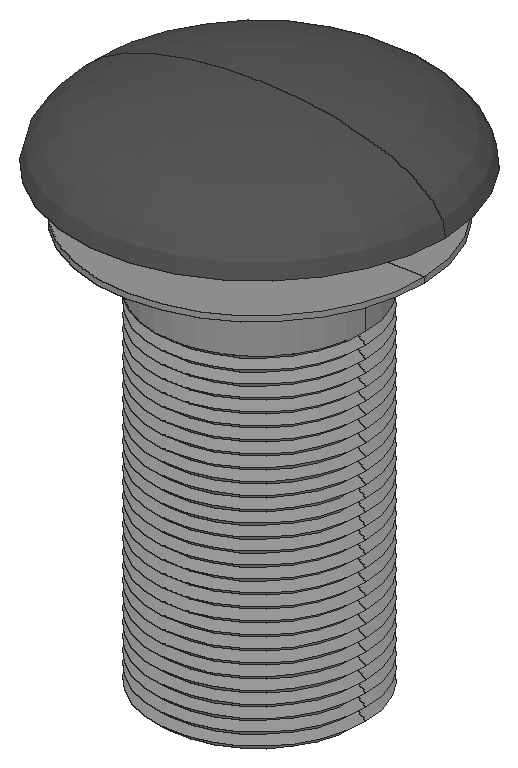
Revit family "BUILDMAT-POPNEROM-32MM_Pop_Up_Waste-Nero_Marquina", category Plumbing Fixtures, Revit 2026
Family settings
  Round Connector Dimension = Use Diameter
  Part Type = Normal
  Work Plane-Based = Yes
  Enable Cutting in Views = Yes
  Always vertical = Yes
  Cut with Voids When Loaded = Yes
  Maintain Annotation Orientation = No
  Shared = No
  Room Calculation Point = No
Parameters
  Width = 70 mm
  PopUp_Material = BM_NERO MARQUINA
  MainBody_Material = BM_STAINLESS STEEL
  Lock_Material = BM_BRASS GOLD
  Depth = 70 mm
  Default Elevation = 1219.2 mm
Reference planes
  plane 1 "Center (Front/Back)": y = 0
  plane 2: z = 0
  plane 3 "Center (Left/Right)": x = 0
  plane 4: z = 1
  plane 5: z = -5
  plane 6: z = -12
  plane 7: z = -78.68
  plane 8: z = 6
  plane 9: z = 9
  plane 10: z = 22.977
  plane 11: x = 35
  plane 12: x = -35
  plane 13: y = 35
  plane 14: y = -35
Forms (mm)
  Revolve 1, solid, material "BM_STAINLESS STEEL" <- "MainBody_Material"
    sketch origin (0, 0, -0.397) x (1, 0, 0) y (0, 0, 1)
      loop
        line (0, 1.248) -> (0, -11.603) -> (-20.005, -11.603) -> (-20.005, -3.848)
        arc (-20.005, -3.848) -> (-20.487, -2.811) -> (-21.458, -2.207) r 2
        line (-21.458, -2.207) -> (-31.017, 0.397) -> (-31.017, 1.397) -> (0, 1.397)
      axis (0, 1.397) -> (0, -11.603)
    angle from 0 to 360
  Revolve 2, solid, material "BM_STAINLESS STEEL" <- "MainBody_Material"
    sketch origin (0, 0, -4.369) x (1, 0, 0) y (0, 0, 1)
      loop
        line (0, -7.631) -> (-19.969, -7.631) -> (-18.48, -8.794) -> (-19.975, -9.962) -> (-18.48, -11.131) -> (-19.975, -12.299) -> (-18.48, -13.467) -> (-19.975, -14.635) -> (-18.48, -15.803) -> (-19.975, -16.971) -> (-18.48, -18.139) -> (-19.975, -19.308) -> (-18.48, -20.476) -> (-19.975, -21.644) -> (-18.48, -22.812) -> (-19.975, -23.98) -> (-18.48, -25.148) -> (-19.975, -26.316) -> (-18.48, -27.485) -> (-19.975, -28.653) -> (-18.48, -29.821) -> (-19.975, -30.989) -> (-18.48, -32.157) -> (-19.975, -33.325) -> (-18.48, -34.493) -> (-19.975, -35.662) -> (-18.48, -36.83) -> (-19.975, -37.998) -> (-18.48, -39.166) -> (-19.975, -40.334) -> (-18.48, -41.502) -> (-19.975, -42.67) -> (-18.48, -43.839) -> (-19.975, -45.007) -> (-18.48, -46.175) -> (-19.975, -47.343) -> (-18.48, -48.511) -> (-19.975, -49.679) -> (-18.48, -50.847) -> (-19.975, -52.016) -> (-18.48, -53.184) -> (-19.975, -54.352) -> (-18.48, -55.52) -> (-19.975, -56.688) -> (-18.48, -57.856) -> (-19.975, -59.024) -> (-18.48, -60.193) -> (-19.975, -61.361) -> (-18.48, -62.529) -> (-19.975, -63.697) -> (-18.48, -64.865) -> (-19.975, -66.033) -> (-18.48, -67.201) -> (-19.975, -68.369) -> (-18.48, -69.538) -> (-19.975, -70.706) -> (-18.48, -71.874) -> (-19.975, -73.042) -> (-18.351, -74.311) -> (0, -74.311) -> (0, -7.631)
      axis (0, -7.631) -> (0, -74.311)
    angle from 0 to 360
  Extrusion 3, solid, material "BM_BRASS GOLD" <- "Lock_Material"
    sketch origin (0, 0, 0) x (1, 0, 0) y (0, 1, 0)
      loop
        circle (0, 0) r 14.5
    from 1 to 6
  Revolve 4, solid, material "BM_NERO MARQUINA" <- "PopUp_Material"
    sketch origin (0, 0, 8.488) x (1, 0, 0) y (0, 0, 1)
      loop
        arc (-19.017, 0.512) -> (-18.008, -0.858) -> (-17.517, -2.488) r 5
        line (-17.517, -2.488) -> (0, -2.488) -> (0, 0.512) -> (0, 14.512)
        spline (0, 14.512) -> (-4.569, 14.392) -> (-9.06, 14.034) -> (-13.395, 13.445) -> (-17.501, 12.635) -> (-21.308, 11.617) -> (-24.75, 10.41) -> (-27.768, 9.033) -> (-30.311, 7.51) -> (-32.336, 5.868) -> (-33.808, 4.135) -> (-34.701, 2.339) -> (-35, 0.512)
        line (-35, 0.512) -> (-19.017, 0.512)
      axis (0, 14.512) -> (0, -2.488)
    angle from 0 to 360
Text (mm)
  text "Refer to www.buildmat.com.au for the most current product literature. \nAllow a +/- 5mm tolerance for dimensions shown in the product literature. \nPlease note product details are subject to change due to ongoing product development." at (-1.255, -131.559, 0), in view "Ref. Level"
Dimensions and locks
  plane 4 to plane 7 = 79.68 mm
  "Depth": plane 13 to plane 14
  equal spacing: plane 13, plane 1 "Center (Front/Back)", plane 14
  "Width": plane 12 to plane 11
  equal spacing: plane 12, plane 3 "Center (Left/Right)", plane 11
  aligned and locked: level to plane 2
Automatic sketch dimensions
  Revolve 1 sketch curve to level = 0 mm
  Revolve 1 sketch curve to plane 4 = 0 mm
  Revolve 1 sketch curve to plane 6 = 0 mm  (x2)
  Revolve 1 sketch curve to plane 3 "Center (Left/Right)" = 0 mm  (x3)
  plane 5 to Revolve 1 sketch curve = 0.755 mm
  plane 12 to Revolve 1 sketch curve = 14.995 mm
  plane 5 to Revolve 1 sketch curve = 2.396 mm
  Revolve 1 sketch curve to Revolve 1 sketch curve = 1.453 mm
  plane 5 to Revolve 1 sketch curve = 0.466 mm
  plane 12 to Revolve 1 sketch curve = 3.983 mm
  Revolve 1 sketch curve to Revolve 1 sketch curve = 0.149 mm
  plane 4 to Revolve 1 sketch curve = 0.245 mm
  Revolve 2 sketch curve to plane 6 = 0 mm
  Revolve 2 sketch curve to plane 7 = 0 mm
  Revolve 2 sketch curve to plane 3 "Center (Left/Right)" = 0 mm  (x2)
  plane 12 to Revolve 2 sketch curve = 16.649 mm
  plane 12 to Revolve 2 sketch curve = 16.52 mm
  Revolve 2 sketch curve to Revolve 2 sketch curve = 0.129 mm
  Revolve 2 sketch curve to Revolve 2 sketch curve = 0 mm  (x26)
  plane 7 to Revolve 2 sketch curve = 7.11 mm
  plane 7 to Revolve 2 sketch curve = 4.773 mm
  plane 7 to Revolve 2 sketch curve = 2.437 mm
  Revolve 2 sketch curve to plane 6 = 1.163 mm
  Revolve 2 sketch curve to plane 6 = 3.499 mm
  Revolve 2 sketch curve to plane 6 = 5.836 mm
  Revolve 2 sketch curve to plane 6 = 8.172 mm
  Revolve 2 sketch curve to Revolve 2 sketch curve = 1.489 mm
  Revolve 2 sketch curve to Revolve 2 sketch curve = 1.495 mm  (x28)
  Revolve 2 sketch curve to plane 6 = 7.004 mm
  Revolve 2 sketch curve to plane 6 = 4.667 mm
  Revolve 2 sketch curve to plane 6 = 2.331 mm
  plane 7 to Revolve 2 sketch curve = 3.605 mm
  plane 7 to Revolve 2 sketch curve = 5.941 mm
  plane 7 to Revolve 2 sketch curve = 1.269 mm
  Revolve 2 sketch curve to Revolve 2 sketch curve = 1.168 mm  (x43)
  Revolve 2 sketch curve to Revolve 2 sketch curve = 0.1 mm
  Revolve 2 sketch curve to Revolve 2 sketch curve = 0.211 mm
  plane 1 "Center (Front/Back)" to Extrusion 3 sketch curve = 0 mm
  Extrusion 3 sketch curve to plane 3 "Center (Left/Right)" = 0 mm
  Revolve 4 sketch curve to plane 9 = 0 mm  (x2)
  Revolve 4 sketch curve to plane 12 = 0 mm
  Revolve 4 sketch curve to plane 8 = 0 mm
  Revolve 4 sketch curve to plane 3 "Center (Left/Right)" = 0 mm  (x2)
  Revolve 4 sketch curve to plane 8 = 0.607 mm
  plane 12 to Revolve 4 sketch curve = 12.52 mm
  Revolve 4 sketch curve to Revolve 4 sketch curve = 3.463 mm
  plane 10 to Revolve 4 sketch curve = 0.023 mm
  Revolve 4 sketch curve to Revolve 4 sketch curve = 0.017 mm
  Revolve 4 sketch curve to Revolve 4 sketch curve = 0.512 mm
  Revolve 4 sketch curve to Revolve 4 sketch curve = 0.001 mm
  radius of Extrusion 3 sketch curve = 14.5 mm
